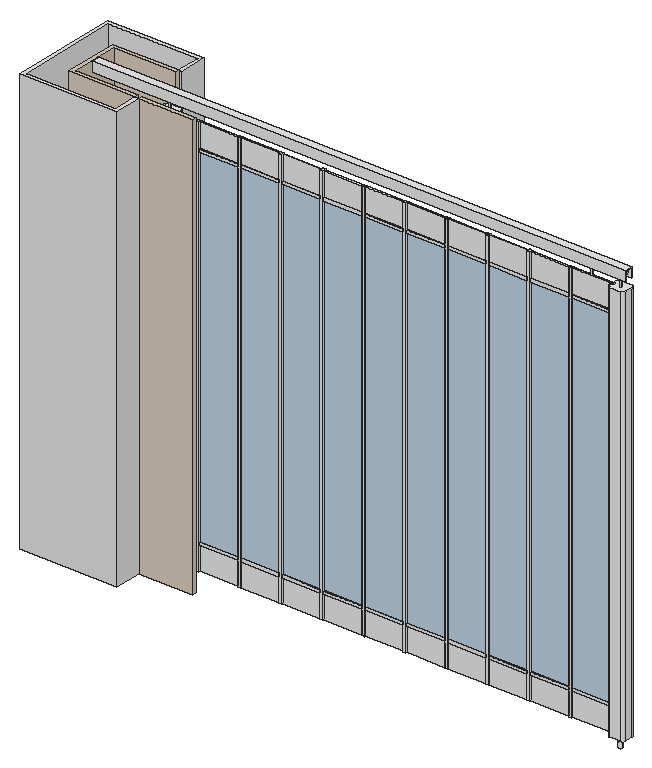
Revit family "Side_Folding_Door_9100-CHI-EL_Prestige", category Specialty Equipment, Revit 2025
Family settings
  Round Connector Dimension = Use Diameter
  Part Type = Normal
  OmniClass Number = 23.30.10.21
  OmniClass Title = Special Function Doors
  Work Plane-Based = No
  Enable Cutting in Views = No
  Always vertical = Yes
  Cut with Voids When Loaded = No
  Maintain Annotation Orientation = No
  Shared = No
  Room Calculation Point = No
Parameters (values of type "EL - Prestige")
  Warranty URL = ""
  Version = "2021-v1.a"  # constant formula
  URL = "https://www.chiohd.com/"
  Support Phone = "(224) 699-9545"  # constant formula
  Support Email = "mailito:support@bimsmith.com"
  Product Page URL = "Contact Manufacturer for More Information"
  Product Documentation Link = "Contact Manufacturer for More Information"
  Pocket Length Disclaimer [instance] = "Contact Manufacturer for Pocket Dimensions"  # constant formula
  Pocket Frame Vis [instance] = yes
  Opening Width [instance] = if(C Condition A, C First Panel Width + 0' 3" + C Panel Width / 2, if(C Condition B, C Section Width + C Post Width + 0' 3" + C Panel Width / 2, if(C Condition C, 0' 3" + C Panel Width / 2 + C Section Width + C Post Width + C End Panel Width, if(C Condition D, C Section Width * 2 + C Post Width * 2 + 0' 3" + C Panel Width / 2, if(C Condition E, 0' 3" + C Panel Width / 2 + C Section Width * C Real Post Count + C Post Width * C Real Post Count + C End Panel Width, 4' 0")))))  # 6' - 7 1/4"
  C Single Section [instance] = or(C Condition A, C Condition B, C Condition C)  # yes
  C Single Post [instance] = or(C Condition B, C Condition C)  # yes
  C Section Width [instance] = if(Floor, rounddown(10' 0" / C Panel Width) * C Panel Width, rounddown(6' 0" / C Panel Width) * C Panel Width)  # 5' - 10"
  C Real Section Width [instance] = C Prelim Opening Width - 0' 3" - C Panel Width / 2  # 5' - 11 1/2"
  C Real Post Count [instance] = if(C Post Count < 2, 2, C Post Count)  # 2
  C Prelim Opening Width [instance] = if(Desired Opening Width < C Min Width, C Min Width, if(Desired Opening Width > C Max Width, C Max Width, Desired Opening Width))  # 6' - 6"
  Opening Speed [instance] = ""
  Model = "EL - Prestige"  # constant formula
  Manufacturer Phone Number = "800-738-5006"  # constant formula
  Manufacturer Fax Number = "800-677-2650"  # constant formula
  Manufacturer Email = "mailto:aia@chiohd.com"
  Manufacturer Address = "1485 Sunrise Drive, Arthur, IL 61911"  # constant formula
  Manufacturer = "C.H.I. Overhead Doors"  # constant formula
  Keynote = "08330"
  Glass = Glass - C.H.I Overhead Doors - Frosted
  Frame = Metal - Powder Coat - C.H.I Overhead Doors - White
  Floor = not(Counter)  # no
  Door Size Limits [instance] = "Min Size 6' x 6' │ Max Size 10' x 10'"  # constant formula
  Desired Opening Width [instance] = 6' - 6"
  Desired Opening Height [instance] = 6' - 0"
  Description = "Side-Folding Grille"  # constant formula
  Default Elevation = 0' - 0"
  Counter = yes
  Copyright = "©2024 C.H.I. Overhead Doors - a NUCOR® company All information presented is based on the specifications and features available at the time of printing and is subject to change without notice."  # constant formula
  Closing Speed [instance] = ""
  Opening Height [instance] = if(Desired Opening Height < C Min Height, C Min Height, if(Desired Opening Height > C Max Height, C Max Height, Desired Opening Height))  # 6' - 0"
  Constraints = 1
  C Track Width = 0' - 1 3/8"  # constant formula
  C Track Thickness = 0' - 0 1/8"  # constant formula
  C Track Height = 0' - 1 5/8"  # constant formula
  C Track Extension [instance] = if(Pocket Frame Vis, C Pocket Length - 0' 0 5/8" * 3 - 0' 4" + 0' 0 5/8", 0' 0")  # 0' - 11 1/8"
  C Top Gap = 0' - 1 1/2"  # constant formula
  C Post Width [instance] = 0' - 2 3/4"  # constant formula
  C Post Count [instance] = rounddown(C Real Section Width / (C Section Width + C Post Width))  # 0
  C Pocket Width = 0' - 8"  # constant formula
  C Pocket Length Preview [instance] = 0' 3" + 0.06 * Opening Width  # 0' - 7.755"
  C Pocket Length [instance] = 0' 4 5/8" + (if(C Pocket Length Preview < 0' 11 3/4", 0' 11 3/4", if(C Pocket Length Preview < 1' 4 1/4", 1' 4 1/4", if(C Pocket Length Preview < 1' 8 3/4", 1' 8 3/4", if(C Pocket Length Preview < 2' 1 3/4", 2' 1 3/4", if(C Pocket Length Preview < 2' 7 3/4", 2' 7 3/4", if(C Pocket Length Preview < 3' 0 3/4", 3' 0 3/4", if(C Pocket Length Preview < 3' 3 3/4", 3' 3 3/4", if(C Pocket Length Preview < 3' 6 3/4", 3' 6 3/4", if(C Pocket Length Preview < 4' 0 3/4", 4' 0 3/4", if(C Pocket Length Preview < 4' 3 3/4", 4' 3 3/4", if(C Pocket Length Preview < 4' 6 3/4", 4' 6 3/4", if(C Pocket Length Preview < 4' 10 3/4", 4' 10 3/4", if(C Pocket Length Preview < 5' 0 3/4", 5' 0 3/4", if(C Pocket Length Preview < 5' 4 3/4", 5' 4 3/4", if(C Pocket Length Preview < 5' 8 3/4", 5' 8 3/4", if(C Pocket Length Preview < 6' 0 3/4", 6' 0 3/4", 0' 11 3/4")))))))))))))))))  # 1' - 4 3/8"
  C Panel Width = 0' - 7"  # constant formula
  C Panel Height [instance] = Opening Height - C Bottom Offset - C Track Height - C Top Gap  # 5' - 8 1/8"
  C Multiple Section [instance] = or(C Condition D, C Condition E)  # no
  C Multiple Post [instance] = or(C Condition D, C Condition E)  # no
  C Min Width = C Panel Width * 3 + 0' 3" + C Panel Width / 2  # 2' - 3 1/2"
  C Min Height = 4' - 0"  # constant formula
  C Max Width = 25' - 0"  # constant formula
  C Max Height = 14' - 0"  # constant formula
  C Half Panel [instance] = C Panel Width / 2  # 0' - 3 1/2"
  C First Panel Width [instance] = if(C Condition A, rounddown((C Prelim Opening Width - 0' 3" - C Panel Width / 2) / C Panel Width) * C Panel Width, rounddown((C Section Width) / C Panel Width) * C Panel Width)  # 5' - 10"
  C End Panel Width Real [instance] = if(C End Panel Width < 0' 0", 0' 0", C End Panel Width)  # 0' - 0"
  C End Panel Width [instance] = if(rounddown((C Real Section Width - C Section Width - C Post Width) / C Panel Width) * C Panel Width = 0' 0", C Panel Width, if(C Multiple Section, rounddown((C Real Section Width - C Section Width * C Real Post Count - C Post Width * C Real Post Count) / C Panel Width) * C Panel Width, rounddown((C Real Section Width - C Section Width - C Post Width) / C Panel Width) * C Panel Width))  # -0' - 7"
  C End Panel [instance] = or(C Condition C, C Condition E)  # no
  C Condition E [instance] = or(C Real Section Width = C Section Width * 2 + C Post Width * 2 + C Panel Width, C Real Section Width > C Section Width * 2 + C Post Width * 2 + C Panel Width)  # no
  C Condition D [instance] = or(C Real Section Width = C Section Width * 2 + C Post Width * 2, and(C Real Section Width > C Section Width * 2 + C Post Width * 2, C Real Section Width < C Section Width * 2 + C Post Width * 2 + C Panel Width))  # no
  C Condition C [instance] = or(C Real Section Width = C Section Width * 2 + C Post Width, and(C Real Section Width > C Section Width + C Post Width, C Real Section Width < C Section Width * 2 + C Post Width))  # no
  C Condition B [instance] = or(C Real Section Width = C Section Width + C Post Width, and(C Real Section Width > C Section Width, C Real Section Width < C Section Width + C Post Width))  # yes
  C Condition A [instance] = or(C Real Section Width = C Section Width, C Real Section Width < C Section Width)  # no
  C Bottom Offset = if(Floor, 0' 1 1/4", 0' 0 3/4")  # 0' - 0 3/4"
  Assembly Code = "B2030420"
Reference planes (in)
  plane 1 "Center (Front/Back)": y = 0
  plane 2: z = 0
  plane 3 "Center (Left/Right)": x = 0
  plane 4: z = 72
  plane 5: x = 79.25
  plane 6: z = 0.75
  plane 7: z = 70.375
  plane 8: z = 68.875
  plane 9: x = 6.5
  plane 10: x = -11.125
  plane 11: x = 76.5
  plane 12: x = 79.25
  plane 13: x = 149.25
  plane 14: x = 3
Forms (in)
  Sweep 1, solid, material "Metal - Powder Coat - C.H.I Overhead Doors - White" <- "Frame"
    path origin (0, 0, 0) x (1, 0, 0) y (0, 0, 1)
      loop
        line (-11.125, 72) -> (79.25, 72)
    profile origin (34.0625, 0, 72) x (0, 0, 1) y (0, -1, 0)
      loop
        line (0, -0.6875) -> (0, 0.6875) -> (-1.625, 0.6875) -> (-1.625, 0.5625) -> (-0.125, 0.5625) -> (-0.125, -0.5625) -> (-1.625, -0.5625) -> (-1.625, -0.6875) -> (0, -0.6875)
Dimensions and locks (in)
  "Opening Width": plane 3 "Center (Left/Right)" to plane 5
  "Opening Height": plane 4 to level
  "C Bottom Offset": plane 6 to level
  "C Track Height": plane 4 to plane 7
  "C Top Gap": plane 7 to plane 8
  equal spacing: Sweep 1 sketch curve, profile plane, Sweep 1 sketch curve
  "C Track Width": Sweep 1 sketch curve to Sweep 1 sketch curve
  "C Track Thickness": Sweep 1 sketch curve to profile plane
  "C Track Thickness": Sweep 1 sketch curve to Sweep 1 sketch curve  (x2)
  "C Track Extension": plane 10 to plane 3 "Center (Left/Right)"
  "C First Panel Width": plane 11 to plane 9
  "C Post Width": plane 12 to plane 11
  group 1 to group 2 = 6' - 0 3/4"
  group 1 to group 2 = 0' - 0"  (x2)
  "C Section Width": plane 13 to plane 12
  group 3 to group 4 = 6' - 0 3/4"
  group 3 to group 4 = 0' - 0"  (x2)
  locked: plane 14 to plane 3 "Center (Left/Right)" at 3
  "C Half Panel": plane 9 to plane 14
  aligned and locked: plane 2 to level
  aligned and locked: Sweep 1 sketch curve to profile plane
  aligned and locked: Sweep 1 sketch curve to plane 7
  aligned and locked: nested 1 to plane 6
  aligned and locked: plane 1 "Center (Front/Back)" to nested 1
  aligned and locked: plane 3 "Center (Left/Right)" to nested 1
  aligned and locked: plane 5 to Sweep 1 sketch curve
  aligned and locked: plane 3 "Center (Left/Right)" to nested 2
  aligned and locked: plane 10 to Sweep 1 sketch curve
  aligned and locked: plane 8 to nested 3
  aligned and locked: plane 9 to nested 3
  aligned and locked: plane 1 "Center (Front/Back)" to nested 3
  aligned and locked: plane 1 "Center (Front/Back)" to nested 4
  aligned and locked: plane 11 to nested 4
  aligned and locked: nested 4 to plane 8
  aligned and locked: nested 5 to plane 8
  aligned and locked: plane 9 to nested 6
  aligned and locked: plane 12 to nested 7
  aligned and locked: plane 11 to nested 8
  aligned and locked: plane 13 to nested 9
  aligned and locked: plane 5 to nested 5
Automatic sketch dimensions
  Sweep 1 sketch curve to plane 4 = 0' - 0"
  Sweep 1 sketch curve to Sweep 1 sketch curve = 0' - 0"
Nested families (in)
  nested 1: "Nested - B" at (0, 0, 0.75), type "Default"
  nested 2: "Nested - Pocket" at (-16.375, 0, 0), visible <- "Pocket Frame Vis", type "Default"
    with Pocket Length 1' - 4 3/8", Overall Height 6' - 0"
  nested 3: "Nested - Section" at (6.5, 0, 0.75), Desired Complete Section <- "C First Panel Width", visible <- "C Single Section", type "Default"
    with Single Panel B End Rod no, Single D Panel no, Single C Panel no, Single B Panel no, Single A Panel End Rod no, Single A Panel no, Multiple Panel Last Section yes, Multiple B Panel yes, Multiple A Panel yes, First to Last Panel 5' - 3", End Panel Supports yes, End Panel Bottom no, Desired Complete Section 5' - 10", Complete Section 5' - 10", B Array Real 4, B Array 5, A Array Real 5, A Array 5
  nested 4: "Nested - Post" at (76.25, 0, 0.75), visible <- "C Single Post", type "Default"
  nested 5: "Nested - Section" at (79.25, 0, 0.75), visible <- "C End Panel", Desired Complete Section <- "C End Panel Width", type "Default"
    with Single Panel B End Rod no, Single D Panel no, Single C Panel no, Single B Panel no, Single A Panel End Rod yes, Single A Panel yes, Multiple Panel Last Section no, Multiple B Panel no, Multiple A Panel no, First to Last Panel 2' - 4", End Panel Supports no, End Panel Bottom yes, Desired Complete Section -0' - 7", Complete Section 0' - 0", B Array Real 2, B Array 2, A Array Real 2, A Array 2
  nested 6: "Nested - Section" at (6.5, 0, 0.75), Desired Complete Section <- "C Section Width", visible <- "C Multiple Section", type "Default"
    with Single Panel B End Rod no, Single D Panel no, Single C Panel no, Single B Panel no, Single A Panel End Rod no, Single A Panel no, Multiple Panel Last Section yes, Multiple B Panel yes, Multiple A Panel yes, First to Last Panel 5' - 3", End Panel Supports yes, End Panel Bottom no, Desired Complete Section 5' - 10", Complete Section 5' - 10", B Array Real 4, B Array 5, A Array Real 5, A Array 5
  nested 7: "Nested - Section" at (79.25, 0, 0.75), Desired Complete Section <- "C Section Width", visible <- "C Multiple Section", type "Default"
    with Single Panel B End Rod no, Single D Panel no, Single C Panel no, Single B Panel no, Single A Panel End Rod no, Single A Panel no, Multiple Panel Last Section yes, Multiple B Panel yes, Multiple A Panel yes, First to Last Panel 5' - 3", End Panel Supports yes, End Panel Bottom no, Desired Complete Section 5' - 10", Complete Section 5' - 10", B Array Real 4, B Array 5, A Array Real 5, A Array 5
  nested 8: "Nested - Post" at (76.25, 0, 0.75), visible <- "C Multiple Post", type "Default"
  nested 9: "Nested - Post" at (149, 0, 0.75), visible <- "C Multiple Post", type "Default"
Definition of nested family "Nested - B"
  Parameters (values of type "Default")
    Top Gap = 0' - 1 1/2"
    Side Frame Thickness = 0' - 0 1/2"  # constant formula
    Main Frame Thickness = 0' - 2 5/16"  # constant formula
    Panel Width = 0' - 7"  # constant formula
    Panel Height = 5' - 8 1/8"
    Horizontal Frame Offset = 0' - 4"  # constant formula
    Glass Thickness = 0' - 0 1/4"  # constant formula
    Glass = none
    Frame = none
    Floor = not(Counter)  # no
    Extra Panel Width = 0' - 3 1/2"
    Default Elevation = 0' - 0"
    Counter = yes
    Bottom Support Width = if(Floor, 0' 0 3/4", 0' 0 5/8")  # 0' - 0 5/8"
    Bottom Support Height = if(Floor, 0' 2 5/8", 0' 1")  # 0' - 1"
    Bottom Gap = 0' - 0 3/4"
  Reference planes (in)
    plane 1 "Center (Front/Back)": y = 0
    plane 2: z = 0
    plane 3 "Center (Left/Right)": x = 0
    plane 4: z = 68.125
    plane 5: x = 0.25
    plane 6: y = 1.15625
    plane 7: y = -1.15625
    plane 8: x = 3
    plane 9: x = 6.5
    plane 10: x = 6
    plane 11: z = 4
    plane 12: z = 64.125
    plane 13: z = 63.625
    plane 14: z = 4.5
    plane 15: y = 0.25
    plane 16: y = -0.25
    plane 17: y = 0.125
    plane 18: y = -0.125
    plane 19: z = 69.625
    plane 20: z = -0.75
    plane 21: z = -1.75
    plane 22: z = 71.125
    plane 23: z = 70.375
    plane 24: x = 1.625
    plane 25: x = 1.3125
    plane 26: x = 1.9375
    plane 27: x = 6.25
  Forms (in)
    Extrusion 1, solid, material <- "Frame"
      sketch origin (0, 0, 0) x (1, 0, 0) y (0, 1, 0)
        loop
          line (0.25, 0.67704) -> (0, 0.67704) -> (0, -0.67704) -> (0.25, -0.67704) -> (0.25, 0.67704)
      from 0 to 68.125
    Extrusion 2, solid, material <- "Frame"
      sketch origin (0, 0, 0) x (1, 0, 0) y (0, 1, 0)
        loop
          arc (0.73462, 1.15625) -> (0.39194, 1.01431) -> (0.25, 0.67163) r 0.48462
          line (0.25, 0.67163) -> (0.25, -0.67188)
          arc (0.25, -0.67188) -> (0.39187, -1.01438) -> (0.73438, -1.15625) r 0.48438
          line (0.73438, -1.15625) -> (2.51563, -1.15625)
          arc (2.51563, -1.15625) -> (2.85813, -1.01438) -> (3, -0.67188) r 0.48438
          line (3, -0.67188) -> (3, 0.67187)
          arc (3, 0.67187) -> (2.85813, 1.01438) -> (2.51563, 1.15625) r 0.48438
          line (2.51563, 1.15625) -> (0.73462, 1.15625)
      from 0 to 68.125
    Extrusion 3, solid, material <- "Frame"
      sketch origin (0, 0, 0) x (0, 1, 0) y (0, 0, 1)
        loop
          line (-0.25, 4.5) -> (-0.25, 4) -> (0.25, 4) -> (0.25, 4.5) -> (-0.25, 4.5)
        loop
          line (-0.25, 64.125) -> (-0.25, 63.625) -> (0.25, 63.625) -> (0.25, 64.125) -> (-0.25, 64.125)
      from 3 to 6.25
    Revolve 4, solid, material <- "Frame"
      sketch origin (-1.875, 0, 0) x (1, 0, 0) y (0, 0, 1)
        loop
          line (3.5, 71.12277) -> (3.5, 68.125) -> (3.625, 68.125) -> (3.625, 71.12277) -> (3.5, 71.12277)
        axis (3.5, 71.12277) -> (3.5, 68.125)
      angle from 0 to 360
    Extrusion 5, solid, material <- "Frame"
      sketch origin (-1.875, 0, 0) x (1, 0, 0) y (0, 0, 1)
        loop
          circle (3.5, 70.375) r 0.75
      from 0.5625 to 0.25
    Extrusion 6, solid, material <- "Frame"
      sketch origin (-1.875, 0, 0) x (1, 0, 0) y (0, 0, -1)
        loop
          circle (3.5, -70.375) r 0.75
      from 0.5625 to 0.25
    Extrusion 7, solid, material <- "Frame"
      sketch origin (-1.875, 0, 0) x (1, 0, 0) y (0, 0, 1)
        loop
          circle (3.5, 70.375) r 0.44182
      from -0.25 to 0.25
    Revolve 8, solid, material <- "Frame"
      sketch origin (-1.875, 0, 0) x (1, 0, 0) y (0, 0, 1)
        loop
          line (3.5, 0) -> (3.5, -1.75) -> (3.8125, -1.75) -> (3.8125, -0.75) -> (3.65321, -0.75) -> (3.65321, 0) -> (3.5, 0)
        axis (3.5, 0) -> (3.5, -1.75)
      angle from 0 to 360
    Extrusion 9, solid, material <- "Frame"
      sketch origin (0, 0, 0) x (1, 0, 0) y (0, 0, 1)
        loop
          line (3, 64.125) -> (6.25, 64.125) -> (6.25, 68.125) -> (3, 68.125) -> (3, 64.125)
        loop
          line (3, 4) -> (3, 0) -> (6.25, 0) -> (6.25, 4) -> (3, 4)
      from -0.125 to 0.125
    Extrusion 10, solid, material <- "Glass"
      sketch origin (0, 0, 0) x (1, 0, 0) y (0, 0, 1)
        loop
          line (6.25, 63.625) -> (3, 63.625) -> (3, 4.5) -> (6.25, 4.5) -> (6.25, 63.625)
      from -0.125 to 0.125
  Dimensions and locks (in)
    "Panel Height": plane 4 to level
    equal spacing: plane 6, plane 1 "Center (Front/Back)", plane 7
    "Main Frame Thickness": plane 6 to plane 7
    "Extra Panel Width": plane 8 to plane 9
    "Side Frame Thickness": plane 10 to plane 9
    "Horizontal Frame Offset": plane 11 to level
    "Side Frame Thickness": plane 14 to plane 11
    "Horizontal Frame Offset": plane 4 to plane 12
    "Side Frame Thickness": plane 12 to plane 13
    equal spacing: plane 15, plane 1 "Center (Front/Back)", plane 16
    "Side Frame Thickness": plane 16 to plane 15
    equal spacing: plane 18, plane 1 "Center (Front/Back)", plane 17
    "Glass Thickness": plane 18 to plane 17
    "Bottom Gap": level to plane 20
    "Top Gap": plane 19 to plane 4
    "Bottom Support Height": plane 20 to plane 21
    locked: plane 22 to plane 19 at 1.5
    equal spacing: plane 22, plane 23, plane 19
    equal spacing: plane 8, plane 24, plane 5
    plane 26 to plane 25 = 0' - 0 5/8"  (x2)
    "Bottom Support Width": plane 26 to plane 25
    equal spacing: plane 26, plane 24, plane 25
    equal spacing: plane 9, plane 27, plane 10
    aligned and locked: plane 2 to level
    aligned and locked: Extrusion 2 sketch curve to plane 6
    aligned and locked: plane 5 to Extrusion 2 sketch curve
    aligned and locked: plane 7 to Extrusion 2 sketch curve
    aligned and locked: Extrusion 2 sketch curve to plane 8
    aligned and locked: plane 4 to Extrusion 2
    aligned and locked: Extrusion 2 to level
    aligned and locked: plane 4 to Extrusion 1
    aligned and locked: Extrusion 3 sketch curve to plane 14
    aligned and locked: plane 16 to Extrusion 3 sketch curve  (x2)
    aligned and locked: Extrusion 3 sketch curve to plane 11
    aligned and locked: plane 15 to Extrusion 3 sketch curve  (x2)
    aligned and locked: Extrusion 3 sketch curve to plane 12
    aligned and locked: plane 13 to Extrusion 3 sketch curve
    aligned and locked: Extrusion 3 to plane 8
    aligned and locked: Revolve 4 sketch curve to plane 24
    aligned and locked: plane 23 to Extrusion 7 sketch curve
    aligned and locked: plane 24 to Extrusion 7 sketch curve
    aligned and locked: plane 23 to Extrusion 5 sketch curve
    aligned and locked: plane 24 to Extrusion 5 sketch curve
    aligned and locked: plane 23 to Extrusion 6 sketch curve
    aligned and locked: plane 24 to Extrusion 6 sketch curve
    aligned and locked: plane 26 to Revolve 8 sketch curve
    aligned and locked: Revolve 8 sketch curve to plane 24
    aligned and locked: plane 2 to Revolve 8 sketch curve
    aligned and locked: plane 21 to Revolve 8 sketch curve
    aligned and locked: Revolve 8 sketch curve to plane 20
    aligned and locked: plane 27 to Extrusion 3
    aligned and locked: plane 8 to Extrusion 9 sketch curve
    aligned and locked: plane 2 to Extrusion 9 sketch curve
    aligned and locked: Extrusion 9 sketch curve to plane 27
    aligned and locked: plane 11 to Extrusion 9 sketch curve
    aligned and locked: plane 4 to Extrusion 9 sketch curve
    aligned and locked: plane 27 to Extrusion 9 sketch curve
    aligned and locked: Extrusion 9 sketch curve to plane 12
    aligned and locked: Extrusion 9 sketch curve to plane 8
    aligned and locked: Extrusion 9 to plane 17
    aligned and locked: plane 18 to Extrusion 9
    aligned and locked: plane 13 to Extrusion 10 sketch curve
    aligned and locked: plane 27 to Extrusion 10 sketch curve
    aligned and locked: Extrusion 10 sketch curve to plane 8
    aligned and locked: Extrusion 10 sketch curve to plane 14
    aligned and locked: Extrusion 10 to plane 17
    aligned and locked: plane 18 to Extrusion 10
  Automatic sketch dimensions
    Extrusion 1 sketch curve to plane 3 "Center (Left/Right)" = 0' - 0"
    Extrusion 1 sketch curve to plane 5 = 0' - 0"
    Extrusion 1 sketch curve to plane 6 = 0' - 0.47921"
    plane 7 to Extrusion 1 sketch curve = 0' - 0.47921"
    plane 5 to Extrusion 2 sketch curve = 0' - 0 31/64"
    Extrusion 2 sketch curve to Extrusion 2 sketch curve = 0' - 0.48462"
    Extrusion 2 sketch curve to plane 8 = 0' - 0 31/64"  (x2)
    Revolve 4 sketch curve to plane 24 = 0' - 0"
    Revolve 4 sketch curve to plane 4 = 0' - 0"
    plane 22 to Revolve 4 sketch curve = 0' - 0.00223"
    plane 24 to Revolve 4 sketch curve = 0' - 0 1/8"
    Revolve 4 sketch curve to plane 4 = 0' - 1.33257"
    Revolve 4 sketch curve to plane 22 = 0' - 0.11711"
    Revolve 8 sketch curve to plane 24 = 0' - 0"
    plane 24 to Revolve 8 sketch curve = 0' - 0.15321"
    Revolve 8 sketch curve to plane 21 = 0' - 3.32416"
    level to Revolve 8 sketch curve = 0' - 1 1/4"
    radius of Extrusion 5 sketch curve = 0' - 0 3/4"
    radius of Extrusion 6 sketch curve = 0' - 0 3/4"
    radius of Extrusion 7 sketch curve = 0' - 0.44182"
Definition of nested family "Nested - Pocket"
  Parameters (values of type "Family2")
    Side Thickness = 0' - 4"  # constant formula
    Pocket Width = 0' - 8"  # constant formula
    Pocket Length = 2' - 4"
    Plywood Thickness = 0' - 0 5/8"  # constant formula
    Plywood = none
    Overall Height = 5' - 0"
    Gypsum Thickness = 0' - 0 5/8"  # constant formula
    Gypsum = none
    Default Elevation = 0' - 0"
  Reference planes (in)
    plane 1 "Center (Front/Back)": y = 0
    plane 2: z = 0
    plane 3 "Center (Left/Right)": x = 0
    plane 4: y = 8.625
    plane 5: y = -8.625
    plane 6: y = -4
    plane 7: y = 4
    plane 8: y = 4.625
    plane 9: y = -4.625
    plane 10: y = 9.25
    plane 11: y = -9.25
    plane 12: x = 0.625
    plane 13: x = 4.625
    plane 14: x = 5.25
    plane 15: x = 28
    plane 16: x = 27.375
    plane 17: z = 60
  Forms (in)
    Extrusion 1, solid, material <- "Gypsum"
      sketch origin (0, 0, 0) x (1, 0, 0) y (0, 1, 0)
        loop
          line (0, 9.25) -> (0, -9.25) -> (28, -9.25) -> (28, -4.625) -> (27.375, -4.625) -> (27.375, -8.625) -> (0.625, -8.625) -> (0.625, 8.625) -> (27.375, 8.625) -> (27.375, 4.625) -> (28, 4.625) -> (28, 9.25) -> (0, 9.25)
      from 0 to 60
    Extrusion 2, solid, material <- "Plywood"
      sketch origin (0, 0, 0) x (1, 0, 0) y (0, 1, 0)
        loop
          line (27.375, 4.625) -> (4.625, 4.625) -> (4.625, -4.625) -> (27.375, -4.625) -> (27.375, -4) -> (5.25, -4) -> (5.25, 4) -> (27.375, 4) -> (27.375, 4.625)
      from 0 to 60
    Extrusion 3, solid, material <- "Plywood"
      sketch origin (0, 0, 0) x (1, 0, 0) y (0, 1, 0)
        loop
          line (37.25, -4) -> (28, -4) -> (28, -4.625) -> (37.25, -4.625) -> (37.25, -4)
      from 0 to 60
  Dimensions and locks (in)
    equal spacing: plane 7, plane 1 "Center (Front/Back)", plane 6
    "Pocket Width": plane 7 to plane 6
    "Plywood Thickness": plane 8 to plane 7
    "Plywood Thickness": plane 6 to plane 9
    "Side Thickness": plane 4 to plane 8
    "Side Thickness": plane 9 to plane 5
    "Gypsum Thickness": plane 10 to plane 4
    "Gypsum Thickness": plane 11 to plane 5
    "Gypsum Thickness": plane 3 "Center (Left/Right)" to plane 12
    "Side Thickness": plane 12 to plane 13
    "Plywood Thickness": plane 13 to plane 14
    "Pocket Length": plane 3 "Center (Left/Right)" to plane 15
    "Gypsum Thickness": plane 16 to plane 15
    locked: plane 15 to Extrusion 3 at 9.25
    "Overall Height": plane 17 to plane 2
    plane 3 "Center (Left/Right)" to Extrusion 1 = 2' - 4"
    aligned and locked: plane 2 to level
    aligned and locked: Extrusion 1 sketch curve to plane 15  (x2)
    aligned and locked: plane 16 to Extrusion 1 sketch curve
    aligned and locked: plane 5 to Extrusion 1 sketch curve
    aligned and locked: plane 4 to Extrusion 1 sketch curve
    aligned and locked: Extrusion 1 sketch curve to plane 12
    aligned and locked: Extrusion 2 sketch curve to plane 8
    aligned and locked: plane 7 to Extrusion 2 sketch curve
    aligned and locked: Extrusion 2 sketch curve to plane 6
    aligned and locked: plane 9 to Extrusion 2 sketch curve
    aligned and locked: Extrusion 2 sketch curve to plane 14
    aligned and locked: plane 13 to Extrusion 2 sketch curve
    aligned and locked: Extrusion 2 sketch curve to plane 16  (x2)
    aligned and locked: Extrusion 1 sketch curve to plane 9
    aligned and locked: plane 8 to Extrusion 1 sketch curve
    aligned and locked: Extrusion 3 to plane 15
    aligned and locked: plane 6 to Extrusion 3
    aligned and locked: Extrusion 3 to plane 9
    aligned and locked: plane 17 to Extrusion 1
    aligned and locked: Extrusion 1 to Extrusion 2
    aligned and locked: Extrusion 3 to Extrusion 1
  Automatic sketch dimensions
    Extrusion 1 sketch curve to plane 3 "Center (Left/Right)" = 0' - 0"
    Extrusion 1 sketch curve to plane 16 = 0' - 0"
    Extrusion 1 sketch curve to plane 11 = 0' - 0"
    Extrusion 1 sketch curve to plane 10 = 0' - 0"
    Extrusion 3 sketch curve to plane 6 = 0' - 0"
    Extrusion 3 sketch curve to plane 15 = 0' - 0"
    plane 9 to Extrusion 3 sketch curve = 0' - 0"
    Extrusion 3 sketch curve to Extrusion 3 sketch curve = 0' - 9 1/4"
Definition of nested family "Nested - Section"
  Parameters (values of type "Default")
    Top Gap = 0' - 1 1/2"
    Single Panel B End Rod [instance] = if(or(and(Complete Section > 2 * Panel Width, Complete Section < 3 * Panel Width), Complete Section = 2 * Panel Width), 1 = 1, 1 = 0)  # no
    Single D Panel [instance] = and(Complete Section > 3 * Panel Width, Complete Section < 5 * Panel Width)  # no
    Single C Panel [instance] = and(Complete Section > 2 * Panel Width, Complete Section < 4 * Panel Width)  # no
    Single B Panel [instance] = or(Complete Section = 2 * Panel Width, and(Complete Section > 2 * Panel Width, or(Complete Section = 4 * Panel Width, Complete Section < 4 * Panel Width)))  # no
    Single A Panel End Rod [instance] = if(or(and(not(Multiple A Panel), not(Multiple B Panel), not(Single B Panel)), and(Complete Section > Panel Width, Complete Section < 2 * Panel Width), Complete Section = Panel Width), 1 = 1, 1 = 0)  # yes
    Single A Panel [instance] = or(and(Complete Section > 3 * Panel Width, Complete Section < 4 * Panel Width), Complete Section < Panel Width, Complete Section = Panel Width, and(Complete Section > Panel Width, Complete Section < 3.1 * Panel Width))  # yes
    Panel Width = 0' - 7"
    Panel Height = 5' - 8 1/8"
    Multiple Panel Last Section [instance] = and(not(or(Single C Panel, Single D Panel)), or(Complete Section = 4 * Panel Width, Complete Section > 4 * Panel Width))  # no
    Multiple B Panel [instance] = or(Complete Section = 5 * Panel Width, Complete Section > 5 * Panel Width)  # no
    Multiple A Panel [instance] = or(Complete Section = 4 * Panel Width, Complete Section > 4 * Panel Width)  # no
    Glass = none
    Frame = none
    First to Last Panel [instance] = A Array Real * Panel Width + B Array Real * Panel Width  # 2' - 4"
    End Panel Supports [instance] = not(End Panel Bottom)  # no
    End Panel Bottom [instance] = if(Single B Panel, 1 = 0, if(A Array Real > B Array Real, 1 = 0, 1 = 1))  # yes
    Desired Complete Section [instance] = 0' - 0"
    Default Elevation = 0' - 0"
    Counter = yes
    Complete Section [instance] = if(Desired Complete Section < 0' 0", 0' 0", Desired Complete Section)  # 0' - 0"
    Bottom Gap = 0' - 0 3/4"
    B Array Real [instance] = if(A Array - 1 < 2, 2, if(A Array Real = B Array, A Array - 1, A Array Real))  # 2
    B Array [instance] = if(Complete Section < Panel Width * 4, 2, rounddown((Complete Section - Panel Width * A Array) / Panel Width))  # 2
    A Array Real [instance] = if(A Array - 1 < 2, 2, if(A Array = B Array, A Array, A Array - 1))  # 2
    A Array [instance] = if(Complete Section < Panel Width * 3, 2, ((Complete Section / 2) / Panel Width))  # 2
  Reference planes (in)
    plane 1 "Center (Front/Back)": y = 0
    plane 2: z = 0
    plane 3 "Center (Left/Right)": x = 0
    plane 4: x = 7
    plane 5: x = 0
    plane 6: x = 14
    plane 7: x = 21
    plane 8: x = 28
    plane 9: x = 28
  Dimensions and locks (in)
    "Panel Width": plane 4 to plane 3 "Center (Left/Right)"
    "Complete Section": plane 5 to plane 3 "Center (Left/Right)"
    "Panel Width": plane 4 to plane 6
    "Panel Width": plane 6 to plane 7
    "Panel Width": plane 7 to plane 8
    group 1 to group 2 = 1' - 2"
    group 1 to group 2 = 0' - 0"  (x2)
    group 3 to group 4 = 1' - 2"
    group 3 to group 4 = 0' - 0"  (x2)
    "First to Last Panel": plane 9 to plane 3 "Center (Left/Right)"
    aligned and locked: plane 2 to level
    aligned and locked: plane 1 "Center (Front/Back)" to nested 1
    aligned and locked: plane 1 "Center (Front/Back)" to nested 2
    aligned and locked: plane 1 "Center (Front/Back)" to nested 4
    aligned and locked: plane 3 "Center (Left/Right)" to nested 2
    aligned and locked: plane 3 "Center (Left/Right)" to nested 1
    aligned and locked: plane 4 to nested 4
    aligned and locked: plane 4 to nested 3
    aligned and locked: plane 6 to nested 8
    aligned and locked: plane 6 to nested 5
    aligned and locked: plane 7 to nested 6
    aligned and locked: plane 7 to nested 9
    aligned and locked: plane 9 to nested 7
  Nested families (in)
    nested 1: "Nested - Panel" at (0, 0, 0), visible <- "Multiple A Panel", type "Nested - Panel"
      with Supports no, End Rod no
    nested 2: "Nested - Panel" at (0, 0, 0), visible <- "Single A Panel", End Rod <- "Single A Panel End Rod", type "Nested - Panel"
      with Supports no, End Rod yes
    nested 3: "Nested - Panel" at (7, 0, 0), visible <- "Multiple B Panel", type "Nested - Panel"
      with Supports no, End Rod no
    nested 4: "Nested - Panel" at (7, 0, 0), visible <- "Single B Panel", End Rod <- "Single Panel B End Rod", type "Nested - Panel"
      with Supports no, End Rod no
    nested 5: "Nested - Panel" at (14, 0, 0), visible <- "Multiple A Panel", type "Nested - Panel"
      with Supports no, End Rod no
    nested 6: "Nested - Panel" at (21, 0, 0), visible <- "Multiple B Panel", type "Nested - Panel"
      with Supports no, End Rod no
    nested 7: "Nested - Panel" at (28, 0, 0), visible <- "Multiple Panel Last Section", Supports <- "End Panel Supports", type "Nested - Panel"
      with Supports no, End Rod yes
    nested 8: "Nested - Panel" at (14, 0, 0), visible <- "Single C Panel", type "Nested - Panel"
      with Supports no, End Rod yes
    nested 9: "Nested - Panel" at (21, 0, 0), visible <- "Single D Panel", type "Nested - Panel"
      with End Rod yes
  Definition of nested family "Nested - Panel"
    Parameters (values of type "Nested - Panel")
      Top Gap = 0' - 1 1/2"
      Supports [instance] = yes
      Side Frame Thickness = 0' - 0 1/2"  # constant formula
      Panel Width = 0' - 7"
      Panel Height = 5' - 8 1/8"
      Horizontal Frame Offset = 0' - 4"  # constant formula
      Glass Thickness = 0' - 0 1/4"  # constant formula
      Glass = none
      Frame = none
      Floor = not(Counter)  # no
      End Rod [instance] = yes
      Default Elevation = 0' - 0"
      Counter = yes
      Bottom Support Width = if(Floor, 0' 0 3/4", 0' 0 5/8")  # 0' - 0 5/8"
      Bottom Support Height = if(Floor, 0' 2 5/8", 0' 1")  # 0' - 1"
      Bottom Gap = 0' - 0 3/4"
    Reference planes (in)
      plane 1 "Center (Front/Back)": y = 0
      plane 2: z = 0
      plane 3 "Center (Left/Right)": x = 0
      plane 4: x = 7
      plane 5: z = 68.125
      plane 6: y = 0.25
      plane 7: y = -0.25
      plane 8: y = 0.125
      plane 9: y = -0.125
      plane 10: z = 64.125
      plane 11: z = 4
      plane 12: z = 4.5
      plane 13: z = 63.625
      plane 14: z = -0.75
      plane 15: z = -1.75
      plane 16: x = 3.5
      plane 17: z = 69.625
      plane 18: z = 71.125
      plane 19: z = 70.375
      plane 20: x = 3.1875
      plane 21: x = 3.8125
      plane 22: x = 0.25
      plane 23: x = 6.75
    Forms (in)
      Extrusion 1, solid, material <- "Frame"
        sketch origin (0, 0, 0) x (1, 0, 0) y (0, 1, 0)
          loop
            line (-0.25, 0.25) -> (-0.25, -0.25) -> (0.25, -0.25) -> (0.25, 0.25) -> (-0.25, 0.25)
        from 0 to 68.125
      Extrusion 2, solid, material <- "Frame"
        sketch origin (0, 0, 0) x (0, 1, 0) y (0, 0, 1)
          loop
            line (0.25, 4.5) -> (-0.25, 4.5) -> (-0.25, 4) -> (0.25, 4) -> (0.25, 4.5)
          loop
            line (0.25, 64.125) -> (-0.25, 64.125) -> (-0.25, 63.625) -> (0.25, 63.625) -> (0.25, 64.125)
        from 0.25 to 6.75
      Revolve 3, solid, material <- "Frame", not visible
        sketch origin (0, 0, 0) x (1, 0, 0) y (0, 0, 1)
          loop
            line (3.5, 0) -> (3.5, -1.75) -> (3.8125, -1.75) -> (3.8125, -0.75) -> (3.65321, -0.75) -> (3.65321, 0) -> (3.5, 0)
          axis (3.5, 0) -> (3.5, -1.75)
        angle from 0 to 360
      Revolve 4, solid, material <- "Frame", visible <- "Supports"
        sketch origin (0, 0, 0) x (1, 0, 0) y (0, 0, 1)
          loop
            line (3.5, 71.125) -> (3.5, 68.125) -> (3.625, 68.125) -> (3.625, 71.125) -> (3.5, 71.125)
          axis (3.5, 71.125) -> (3.5, 68.125)
        angle from 0 to 360
      Extrusion 5, solid, material <- "Frame", visible <- "Supports"
        sketch origin (0, 0, 0) x (1, 0, 0) y (0, 0, 1)
          loop
            circle (3.5, 70.375) r 0.75
        from 0.5625 to 0.25
      Extrusion 6, solid, material <- "Frame", visible <- "Supports"
        sketch origin (0, 0, 0) x (1, 0, 0) y (0, 0, -1)
          loop
            circle (3.5, -70.375) r 0.75
        from 0.5625 to 0.25
      Extrusion 7, solid, material <- "Frame", visible <- "Supports"
        sketch origin (0, 0, 0) x (1, 0, 0) y (0, 0, 1)
          loop
            circle (3.5, 70.375) r 0.44182
        from -0.25 to 0.25
      Extrusion 8, solid, material <- "Frame", visible <- "End Rod"
        sketch origin (7, 0, 0) x (1, 0, 0) y (0, 1, 0)
          loop
            line (-0.25, 0.25) -> (-0.25, -0.25) -> (0.25, -0.25) -> (0.25, 0.25) -> (-0.25, 0.25)
        from 0 to 68.125
      Extrusion 9, solid, material <- "Glass"
        sketch origin (0, 0, 0) x (1, 0, 0) y (0, 0, 1)
          loop
            line (6.75, 63.625) -> (0.25, 63.625) -> (0.25, 4.5) -> (6.75, 4.5) -> (6.75, 63.625)
        from -0.125 to 0.125
      Extrusion 10, solid, material <- "Frame"
        sketch origin (0, 0, 0) x (1, 0, 0) y (0, 0, 1)
          loop
            line (6.75, 68.125) -> (0.25, 68.125) -> (0.25, 64.125) -> (6.75, 64.125) -> (6.75, 68.125)
          loop
            line (6.75, 4) -> (0.25, 4) -> (0.25, 0) -> (6.75, 0) -> (6.75, 4)
        from -0.125 to 0.125
    Cuts and joins
      joined: Revolve 4, Extrusion 7
    Dimensions and locks (in)
      "Panel Width": plane 3 "Center (Left/Right)" to plane 4
      "Panel Height": plane 5 to level
      equal spacing: plane 6, plane 1 "Center (Front/Back)", plane 7
      "Side Frame Thickness": plane 6 to plane 7
      equal spacing: plane 8, plane 1 "Center (Front/Back)", plane 9
      "Glass Thickness": plane 8 to plane 9
      "Horizontal Frame Offset": plane 11 to level
      "Horizontal Frame Offset": plane 5 to plane 10
      "Side Frame Thickness": plane 10 to plane 13
      "Side Frame Thickness": plane 12 to plane 11
      "Bottom Gap": level to plane 14
      "Bottom Support Height": plane 14 to plane 15
      equal spacing: plane 4, plane 16, plane 3 "Center (Left/Right)"
      "Top Gap": plane 17 to plane 5
      locked: plane 18 to plane 17 at 1.5
      equal spacing: plane 18, plane 19, plane 17
      equal spacing: plane 21, plane 16, plane 20
      "Bottom Support Width": plane 21 to plane 20
      equal spacing: Extrusion 1 sketch curve, plane 3 "Center (Left/Right)", Extrusion 1 sketch curve
      "Side Frame Thickness": Extrusion 1 sketch curve to Extrusion 1 sketch curve
      equal spacing: Extrusion 8 sketch curve, plane 4, Extrusion 8 sketch curve
      "Side Frame Thickness": Extrusion 8 sketch curve to Extrusion 8 sketch curve
      locked: plane 3 "Center (Left/Right)" to plane 22 at 0.25
      locked: plane 4 to plane 23 at 0.25
      aligned and locked: plane 2 to level
      aligned and locked: Extrusion 1 sketch curve to plane 6
      aligned and locked: plane 7 to Extrusion 1 sketch curve
      aligned and locked: Extrusion 1 to level
      aligned and locked: plane 5 to Extrusion 1
      aligned and locked: plane 12 to Extrusion 2 sketch curve
      aligned and locked: plane 6 to Extrusion 2 sketch curve  (x2)
      aligned and locked: Extrusion 2 sketch curve to plane 11
      aligned and locked: Extrusion 2 sketch curve to plane 7  (x2)
      aligned and locked: Extrusion 2 sketch curve to plane 10
      aligned and locked: Extrusion 2 sketch curve to plane 13
      aligned and locked: plane 14 to Revolve 3 sketch curve
      aligned and locked: plane 15 to Revolve 3 sketch curve
      aligned and locked: level to Revolve 3 sketch curve
      aligned and locked: plane 16 to Revolve 4 sketch curve
      aligned and locked: plane 5 to Revolve 4 sketch curve
      aligned and locked: plane 19 to Extrusion 5 sketch curve
      aligned and locked: plane 16 to Extrusion 5 sketch curve
      aligned and locked: plane 7 to Extrusion 5
      aligned and locked: plane 16 to Extrusion 6 sketch curve
      aligned and locked: plane 19 to Extrusion 6 sketch curve
      aligned and locked: plane 18 to Revolve 4 sketch curve
      aligned and locked: plane 19 to Extrusion 7 sketch curve
      aligned and locked: plane 16 to Extrusion 7 sketch curve
      aligned and locked: plane 6 to Extrusion 7
      aligned and locked: Extrusion 7 to plane 7
      aligned and locked: plane 21 to Revolve 3 sketch curve
      aligned and locked: plane 5 to Extrusion 8
      aligned and locked: Extrusion 8 to level
      aligned and locked: Extrusion 1 to plane 2
      aligned and locked: Extrusion 2 to plane 22
      aligned and locked: plane 23 to Extrusion 2
      aligned and locked: plane 13 to Extrusion 9 sketch curve
      aligned and locked: plane 23 to Extrusion 9 sketch curve
      aligned and locked: Extrusion 9 sketch curve to plane 22
      aligned and locked: Extrusion 9 sketch curve to plane 12
      aligned and locked: plane 8 to Extrusion 9
      aligned and locked: Extrusion 9 to plane 9
      aligned and locked: plane 11 to Extrusion 10 sketch curve
      aligned and locked: Extrusion 10 sketch curve to plane 2
      aligned and locked: plane 23 to Extrusion 10 sketch curve  (x2)
      aligned and locked: Extrusion 10 sketch curve to plane 22  (x2)
      aligned and locked: plane 5 to Extrusion 10 sketch curve
      aligned and locked: plane 10 to Extrusion 10 sketch curve
      aligned and locked: plane 8 to Extrusion 10
      aligned and locked: Extrusion 10 to plane 9
    Automatic sketch dimensions
      plane 16 to Revolve 4 sketch curve = 0' - 0"
      Revolve 4 sketch curve to plane 16 = 0' - 0 1/8"
      Revolve 4 sketch curve to plane 5 = 0' - 1.33257"
      Revolve 4 sketch curve to Revolve 4 sketch curve = 0' - 0.11934"
      plane 16 to Revolve 3 sketch curve = 0' - 0"  (x2)
      Revolve 3 sketch curve to plane 16 = 0' - 0.15321"
      Revolve 3 sketch curve to plane 15 = 0' - 4.42018"
      level to Revolve 3 sketch curve = 0' - 1 1/4"
      Extrusion 8 sketch curve to plane 7 = 0' - 0"
      Extrusion 8 sketch curve to plane 6 = 0' - 0"
      radius of Extrusion 5 sketch curve = 0' - 0 3/4"
      radius of Extrusion 6 sketch curve = 0' - 0 3/4"
      radius of Extrusion 7 sketch curve = 0' - 0.44182"
Definition of nested family "Nested - Post"
  Parameters (values of type "Default")
    Top Gap = 0' - 1 1/2"
    Supports Separation = 1' - 0"  # constant formula
    Supports Count = ((Panel Height - Horizontal Frame Offset * 2) / Supports Separation) + 1  # 4
    Side Frame Thickness = 0' - 0 1/2"  # constant formula
    Panel Frame Height = 0' - 5 1/4"  # constant formula
    Main Frame Thickness = 0' - 2 5/16"  # constant formula
    Panel Width = 0' - 7"  # constant formula
    Panel Height = 5' - 8 1/8"
    Horizontal Frame Offset = 0' 11 7/8" + Panel Frame Height  # 1' - 5 1/8"
    Glass Thickness = 0' - 0 1/4"  # constant formula
    Frame = none
    Floor = not(Counter)  # no
    Extra Panel Width = 0' - 3"
    Default Elevation = 0' - 0"
    Counter = yes
    Bottom Support Width = if(Floor, 0' 0 3/4", 0' 0 5/8")  # 0' - 0 5/8"
    Bottom Support Height = if(Floor, 0' 2 5/8", 0' 1")  # 0' - 1"
    Bottom Gap = 0' - 0 3/4"
  Reference planes (in)
    plane 1 "Center (Front/Back)": y = 0
    plane 2: z = 0
    plane 3 "Center (Left/Right)": x = 0
    plane 4: z = 68.125
    plane 5: x = 0.25
    plane 6: y = 1.15625
    plane 7: y = -1.15625
    plane 8: x = 3
    plane 9: z = 17.125
    plane 10: y = 0.25
    plane 11: y = -0.25
    plane 12: y = 0.125
    plane 13: y = -0.125
    plane 14: z = 69.625
    plane 15: z = -0.75
    plane 16: z = -1.75
    plane 17: z = 71.125
    plane 18: z = 70.375
    plane 19: x = 1.625
    plane 20: x = 1.3125
    plane 21: x = 1.9375
    plane 22: z = 5.25
    plane 23: z = 29.125
  Forms (in)
    Extrusion 1, solid, material <- "Frame"
      sketch origin (0, 0, 0) x (1, 0, 0) y (0, 1, 0)
        loop
          arc (0.73462, 1.15625) -> (0.39194, 1.01431) -> (0.25, 0.67163) r 0.48462
          line (0.25, 0.67163) -> (0.25, -0.67188)
          arc (0.25, -0.67188) -> (0.39187, -1.01438) -> (0.73438, -1.15625) r 0.48438
          line (0.73438, -1.15625) -> (2.51563, -1.15625)
          arc (2.51563, -1.15625) -> (2.85813, -1.01438) -> (3, -0.67188) r 0.48438
          line (3, -0.67188) -> (3, 0.67187)
          arc (3, 0.67187) -> (2.85813, 1.01438) -> (2.51563, 1.15625) r 0.48438
          line (2.51563, 1.15625) -> (0.73462, 1.15625)
      from 0 to 68.125
    Revolve 2, solid, material <- "Frame"
      sketch origin (-1.875, 0, 0) x (1, 0, 0) y (0, 0, 1)
        loop
          line (3.5, 71.12277) -> (3.5, 68.125) -> (3.625, 68.125) -> (3.625, 71.12277) -> (3.5, 71.12277)
        axis (3.5, 71.12277) -> (3.5, 68.125)
      angle from 0 to 360
    Extrusion 3, solid, material <- "Frame"
      sketch origin (-1.875, 0, 0) x (1, 0, 0) y (0, 0, 1)
        loop
          circle (3.5, 70.375) r 0.75
      from 0.5625 to 0.25
    Extrusion 4, solid, material <- "Frame"
      sketch origin (-1.875, 0, 0) x (1, 0, 0) y (0, 0, -1)
        loop
          circle (3.5, -70.375) r 0.75
      from 0.5625 to 0.25
    Extrusion 5, solid, material <- "Frame"
      sketch origin (-1.875, 0, 0) x (1, 0, 0) y (0, 0, 1)
        loop
          circle (3.5, 70.375) r 0.44182
      from -0.25 to 0.25
    Revolve 6, solid, material <- "Frame"
      sketch origin (-1.875, 0, 0) x (1, 0, 0) y (0, 0, 1)
        loop
          line (3.5, 0) -> (3.5, -1.75) -> (3.8125, -1.75) -> (3.8125, -0.75) -> (3.65321, -0.75) -> (3.65321, 0) -> (3.5, 0)
        axis (3.5, 0) -> (3.5, -1.75)
      angle from 0 to 360
  Dimensions and locks (in)
    "Panel Height": plane 4 to level
    equal spacing: plane 6, plane 1 "Center (Front/Back)", plane 7
    "Main Frame Thickness": plane 6 to plane 7
    "Horizontal Frame Offset": plane 9 to level
    equal spacing: plane 10, plane 1 "Center (Front/Back)", plane 11
    "Side Frame Thickness": plane 11 to plane 10
    equal spacing: plane 13, plane 1 "Center (Front/Back)", plane 12
    "Glass Thickness": plane 13 to plane 12
    "Bottom Gap": level to plane 15
    "Top Gap": plane 14 to plane 4
    "Bottom Support Height": plane 15 to plane 16
    locked: plane 17 to plane 14 at 1.5
    equal spacing: plane 17, plane 18, plane 14
    equal spacing: plane 8, plane 19, plane 5
    plane 21 to plane 20 = 0' - 0 5/8"  (x2)
    "Bottom Support Width": plane 21 to plane 20
    equal spacing: plane 21, plane 19, plane 20
    "Panel Frame Height": plane 22 to level
    "Supports Separation": plane 23 to plane 9
    aligned and locked: plane 2 to level
    aligned and locked: Extrusion 1 sketch curve to plane 6
    aligned and locked: plane 5 to Extrusion 1 sketch curve
    aligned and locked: plane 7 to Extrusion 1 sketch curve
    aligned and locked: Extrusion 1 sketch curve to plane 8
    aligned and locked: plane 4 to Extrusion 1
    aligned and locked: Extrusion 1 to level
    aligned and locked: Revolve 2 sketch curve to plane 19
    aligned and locked: plane 18 to Extrusion 5 sketch curve
    aligned and locked: plane 19 to Extrusion 5 sketch curve
    aligned and locked: plane 18 to Extrusion 3 sketch curve
    aligned and locked: plane 19 to Extrusion 3 sketch curve
    aligned and locked: plane 18 to Extrusion 4 sketch curve
    aligned and locked: plane 19 to Extrusion 4 sketch curve
    aligned and locked: plane 21 to Revolve 6 sketch curve
    aligned and locked: Revolve 6 sketch curve to plane 19
    aligned and locked: plane 2 to Revolve 6 sketch curve
    aligned and locked: plane 16 to Revolve 6 sketch curve
    aligned and locked: Revolve 6 sketch curve to plane 15
  Automatic sketch dimensions
    plane 5 to Extrusion 1 sketch curve = 0' - 0 31/64"
    Extrusion 1 sketch curve to Extrusion 1 sketch curve = 0' - 0.48462"
    Extrusion 1 sketch curve to plane 8 = 0' - 0 31/64"  (x2)
    Revolve 2 sketch curve to plane 19 = 0' - 0"
    Revolve 2 sketch curve to plane 4 = 0' - 0"
    plane 17 to Revolve 2 sketch curve = 0' - 0.00223"
    plane 19 to Revolve 2 sketch curve = 0' - 0 1/8"
    Revolve 2 sketch curve to plane 4 = 0' - 1.33257"
    Revolve 2 sketch curve to plane 17 = 0' - 0.11711"
    Revolve 6 sketch curve to plane 19 = 0' - 0"
    plane 19 to Revolve 6 sketch curve = 0' - 0.15321"
    Revolve 6 sketch curve to plane 16 = 0' - 3.32416"
    level to Revolve 6 sketch curve = 0' - 0.85112"
    radius of Extrusion 3 sketch curve = 0' - 0 3/4"
    radius of Extrusion 4 sketch curve = 0' - 0 3/4"
    radius of Extrusion 5 sketch curve = 0' - 0.44182"
